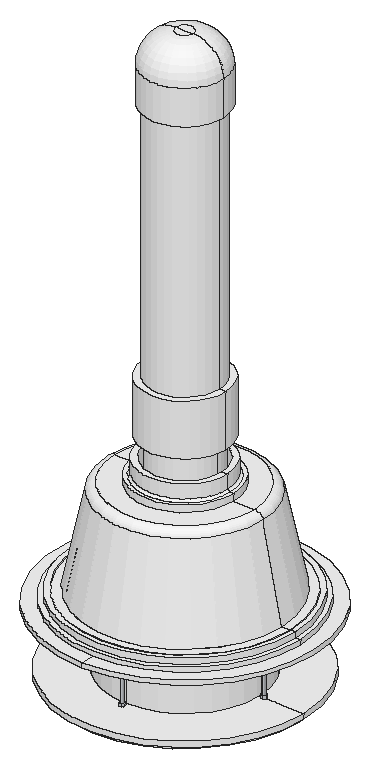
Revit family "R1200-JD-W30", category Plumbing Fixtures, host Face, Revit 2018
Family settings
  Host = Face
  Round Connector Dimension = Use Radius
  Part Type = Normal
  Cut with Voids When Loaded = No
  Shared = No
  Room Calculation Point = No
Parameters (values of type "R1202,3,4-JD-W30_4" Drain Pipe Size")
  WFU = 0
  URL = "WWW.MIFAB.COM"
  Pipe Radius = Pipe Diameter / 2  # 0' - 2"
  Pipe Diameter = 0' - 4"
  No Hub Standard Height = 0' - 6 1/2"
  Model = "R1202,3,4-JD-W30"
  Manufacturer = "MIFAB"
  Floor Drain Material = Paint - Sherwin Williams Paint - #952C2A - Bellwood Red
  Description = "LARGE GREEN ROOF DRAIN WITH STAINLESS STEEL MESH COVERED CAST IRON DOME AND TOP PVC CAP"
  Default Elevation = 0' - 0"
  CWFU = 0
  Bottom Height = 0' - 3 1/2"
  Assembly Code = ""
Types (7): name | Pipe Radius | Pipe Diameter | No Hub Standard Height | Model
  (no name) | 0' - 2" | 0' - 4" | 0' - 6 1/2" | "R1202,3,4-JD-W30"
  R1205,6-JD-W30_6" Drain Pipe Size | 0' - 3" | 0' - 6" | 0' - 6 1/2" | "R1205,6-JD-W30"
  R1208-JD-W30_8" Drain Pipe Size | 0' - 4" | 0' - 8" | 0' - 6 1/2" | "R1208-JD-W30"
  R1205,6-JD-W30_5" Drain Pipe Size | 0' - 2 1/2" | 0' - 5" | 0' - 6 3/4" | "R1205,6-JD-W30"
  R1202,3,4-JD-W30_4" Drain Pipe Size | 0' - 2" | 0' - 4" | 0' - 6 1/2" | "R1202,3,4-JD-W30"
  R1202,3,4-JD-W30_3" Drain Pipe Size | 0' - 1 1/2" | 0' - 3" | 0' - 6 1/2" | "R1202,3,4-JD-W30"
  R1202,3,4-JD-W30_2" Drain Pipe Size | 0' - 1" | 0' - 2" | 0' - 6 1/2" | "R1202,3,4-JD-W30"
Reference planes (in)
  plane 1 "Center (Front/Back)": y = 0
  plane 2: z = 0
  plane 3 "Center (Left/Right)": x = 0
  plane 4: z = -7.25
  plane 5: z = -3
  plane 6: z = -5
  plane 7: y = -2
  plane 8: y = 2
  plane 9: x = -2.5
  plane 10: x = 2.5
  plane 11: z = 6.125
  plane 12: x = 7.5
  plane 13: x = -7.5
  plane 14: y = 7.5
  plane 15: y = -7.5
  plane 16: z = -5.14286
  plane 17: z = -0.25
  plane 18: z = -6.5
  plane 19: y = 3.75
  plane 20: y = -3.75
  plane 21: y = 4.8125
  plane 22: y = -4.8125
  plane 23: x = 6.23869
  plane 24: x = -6.5
  plane 25: z = -3.5
  plane 26: z = -4.26379
  plane 27: x = 6.5
Forms (in)
  Revolve 1, solid, material "Paint - Sherwin Williams Paint - #952C2A - Bellwood Red" <- "Floor Drain Material"
    sketch origin (0, 0.04396, -2.375) x (0, 1, 0) y (0, 0, 1)
      loop
        line (-4.16896, 2.375) -> (-7.54396, 2.375) -> (-7.54396, 2.125) -> (-4.85646, 2.125) -> (-4.85646, 1.375) -> (-4.29396, 1.375) -> (-4.29396, -2.0625) -> (-2.04396, -2.0625) -> (-2.04396, -4.125) -> (-1.79396, -4.125) -> (-1.79396, -1.8125) -> (-3.66896, -1.8125) -> (-3.66896, -0.625) -> (-4.16896, -0.625) -> (-4.16896, 2.375)
      axis (-0.04396, 2.375) -> (-0.04396, -4.125)
    angle from 0 to 360
  Revolve 2, solid, material "Paint - Sherwin Williams Paint - #952C2A - Bellwood Red" <- "Floor Drain Material"
    sketch origin (0, 0, 7.5) x (1, 0, 0) y (0, 0, 1)
      loop
        line (2.51054, -1.375) -> (2.51054, -1.70312) -> (4.05571, -1.70312)
        arc (4.05571, -1.70312) -> (4.16387, -1.74143) -> (4.22383, -1.83927) r 0.17188
        line (4.22383, -1.83927) -> (5.37391, -7.25) -> (6.13967, -7.25) -> (6.13967, -6.92209) -> (5.63967, -6.92209) -> (4.54478, -1.77104)
        arc (4.54478, -1.77104) -> (4.37037, -1.48643) -> (4.05571, -1.375) r 0.5
        line (4.05571, -1.375) -> (2.51054, -1.375)
      loop
        line (2.5, -0.07905) -> (2.16384, -0.07905) -> (2.16384, -1.51036) -> (2.5, -1.51036) -> (2.5, -1.36532) -> (2.84059, -1.36532) -> (2.84059, -0.96751) -> (2.63131, -0.96751)
        arc (2.63131, -0.96751) -> (2.53846, -0.92905) -> (2.5, -0.8362) r 0.13131
        line (2.5, -0.8362) -> (2.5, -0.07905)
      axis (0, -7.25) -> (0, -0.07905)
    angle from 0 to 360
  Revolve 3, solid, material "Paint - Sherwin Williams Paint - #952C2A - Bellwood Red" <- "Floor Drain Material"
    sketch origin (0, 0, 0) x (1, 0, 0) y (0, 0, 1)
      loop
        line (6.72286, 0) -> (6.72286, 0.25) -> (6.43654, 0.25) -> (6.43654, 0.57791) -> (6.13967, 0.57791) -> (6.13967, 0.25) -> (1.27391, 0.25) -> (1.27391, 0.40312) -> (0, 0.40312) -> (0, 0) -> (6.72286, 0)
      axis (0, 0) -> (0, 0.57791)
    angle from 0 to 360
  Revolve 4, solid, material "Paint - Sherwin Williams Paint - #952C2A - Bellwood Red" <- "Floor Drain Material"
    sketch origin (0, 0, 0) x (1, 0, 0) y (0, 0, 1)
      loop
        line (6.9375, -3.5) -> (4.35041, -3.5) -> (4.35041, -4.01379) -> (5.35041, -4.01379) -> (5.35041, -4.26379) -> (5.85041, -4.26379) -> (5.85041, -4.01379) -> (6.6875, -4.01379) -> (6.6875, -3.80633) -> (6.9375, -3.80633) -> (6.9375, -3.5)
      axis (0, -4.26379) -> (0, -3.5)
    angle from 0 to 360
  Revolve 5, solid, material "Paint - Sherwin Williams Paint - #952C2A - Bellwood Red" <- "Floor Drain Material"
    sketch origin (0, 0, 0) x (1, 0, 0) y (0, 0, 1)
      loop
        line (-1.89029, 6.82491) -> (-1.57196, 6.82491) -> (-1.57196, 9.24517) -> (-1.89029, 9.24517) -> (-1.89029, 9.99517) -> (-1.73404, 9.99517) -> (-1.73404, 27.24517) -> (-1.98437, 27.24517) -> (-1.98437, 27.92095)
        arc (-1.98437, 27.92095) -> (-1.54961, 28.97057) -> (-0.5, 29.40533) r 1.48437
        line (-0.5, 29.40533) -> (0, 29.40533) -> (0, 29.67095) -> (-0.5, 29.67095)
        arc (-0.5, 29.67095) -> (-1.73744, 29.15839) -> (-2.25, 27.92095) r 1.75
        line (-2.25, 27.92095) -> (-2.25, 25.92095) -> (-2, 25.92095) -> (-2, 11.67095) -> (-2.39029, 11.67095) -> (-2.39029, 8.67095) -> (-1.89029, 8.67095) -> (-1.89029, 6.82491)
      axis (0, 6.82491) -> (0, 29.67095)
    angle from 0 to 360
Lines and regions (in)
  model lines, not visible
    curve 1: line (6.7156, 0, 9.07611) -> (12.5156, 0, 9.07611)
    curve 2: line (12.5156, 0, 9.07611) -> (12.5156, 0, 10.82611)
    curve 3: line (12.5156, 0, 10.82611) -> (6.7156, 0, 10.82611)
    curve 4: line (6.7156, 0, 10.82611) -> (6.7156, 0, 9.07611)
    curve 5: line (7.13163, 0, 10.86539) -> (7.13163, 0, 12.86539)
    curve 6: line (7.13163, 0, 12.86539) -> (15.53163, 0, 12.86539)
    curve 7: line (15.53163, 0, 12.86539) -> (15.53163, 0, 10.86539)
    curve 8: line (11.33163, 0, 12.86539) -> (11.33163, 0, 12.36539)
    curve 9: line (0, 28.52778, -10.8585) -> (0, 28.52778, -8.6085)
    curve 10: line (0, 28.52778, -8.6085) -> (0, 21.02778, -8.6085)
    curve 11: line (0, 21.02778, -8.6085) -> (0, 21.02778, -10.8585)
    curve 12: line (0, 24.77778, -8.6085) -> (0, 24.77778, -9.1085)
    curve 13: line (13.30546, 0, 10.44272) -> (13.30546, 0, 12.69272)
    curve 14: line (13.30546, 0, 12.69272) -> (26.80546, 0, 12.69272)
    curve 15: line (26.80546, 0, 12.69272) -> (26.80546, 0, 10.44272)
    curve 16: line (20.05546, 0, 12.69272) -> (20.05546, 0, 13.19272)
    curve 17: line (9.1978, 0, 16.37268) -> (9.1978, 0, 18.62268)
    curve 18: line (9.1978, 0, 18.62268) -> (22.1978, 0, 18.62268)
    curve 19: line (22.1978, 0, 18.62268) -> (22.1978, 0, 16.37268)
    curve 20: line (15.6978, 0, 18.62268) -> (15.6978, 0, 17.87268)
Dimensions and locks (in)
  locked: plane 5 to plane 4 at 4.25
  equal spacing: plane 8, plane 1 "Center (Front/Back)", plane 7
  "Pipe Diameter": plane 8 to plane 7
  "Pipe Radius": plane 1 "Center (Front/Back)" to plane 7
  plane 11 to level = 0' - 6 1/8"
  plane 13 to plane 3 "Center (Left/Right)" to plane 12 = 0' - 7 1/2" locked, 0' - 7 1/2" locked
  plane 13 to plane 12 = 1' - 3"  (x3)
  plane 15 to plane 1 "Center (Front/Back)" to plane 14 = 0' - 7 1/2" locked, 0' - 7 1/2" locked
  plane 15 to plane 14 = 1' - 3"
  locked: plane 2 to plane 17 at 0.25
  "No Hub Standard Height": plane 2 to plane 18
  equal spacing: plane 19, plane 1 "Center (Front/Back)", plane 20
  plane 19 to plane 20 = 0' - 7 1/2"
  locked: Revolve 1 sketch curve to plane 15 at 2.6875
  plane 21 to plane 22 = 0' - 9 5/8"
  locked: plane 6 to plane 18 at 1.5
  Revolve 1 sketch curve to plane 22 = 0' - 0 9/16"
  locked: plane 11 to plane 2 at 6.125
  locked: plane 25 to plane 26 at 0.76379
  "Bottom Height": plane 2 to plane 25
  equal spacing: plane 24, plane 3 "Center (Left/Right)", plane 27
  plane 24 to plane 27 = 1' - 1"
  aligned and locked: plane 2 to host face
  aligned and locked: level to host face
  aligned and locked: Revolve 1 sketch curve to plane 18
  aligned and locked: plane 17 to Revolve 1 sketch curve
  aligned and locked: plane 15 to Revolve 1 sketch curve
  aligned and locked: Revolve 2 sketch curve to plane 11
  aligned and locked: plane 25 to Revolve 4 sketch curve
  aligned and locked: plane 26 to Revolve 4 sketch curve
  aligned and locked: plane 1 "Center (Front/Back)" to nested 1
  aligned and locked: nested 1 to Revolve 1
  aligned and locked: nested 2 to Revolve 1
  aligned and locked: nested 3 to Revolve 1
  aligned and locked: nested 4 to Revolve 1
  aligned and locked: nested 2 to plane 1 "Center (Front/Back)"
  aligned and locked: plane 3 "Center (Left/Right)" to nested 4
  aligned and locked: plane 3 "Center (Left/Right)" to nested 3
Automatic sketch dimensions
  curve 5 to curve 7 = 0' - 8.4"
  curve 5 to curve 8 = 0' - 4.2"
  curve 5 to curve 5 = 0' - 2"
  curve 7 to curve 6 = 0' - 2"
  curve 8 to curve 8 = 0' - 0 1/2"
  host sketch curve to host sketch curve = 8' - 0"  (x2)
  Revolve 1 sketch curve to plane 5 = 0' - 0"
  Revolve 1 sketch curve to level = 0' - 0"
  plane 20 to Revolve 1 sketch curve = 0' - 0 1/8"
  Revolve 1 sketch curve to plane 7 = 0' - 0"
  Revolve 1 sketch curve to plane 1 "Center (Front/Back)" = 0' - 0"
  Revolve 1 sketch curve to plane 4 = 0' - 0"
  plane 6 to Revolve 1 sketch curve = 0' - 0 9/16"
  Revolve 1 sketch curve to plane 20 = 0' - 0 3/8"
  Revolve 1 sketch curve to plane 7 = 0' - 0 1/4"
  plane 6 to Revolve 1 sketch curve = 0' - 0 13/16"
  Revolve 1 sketch curve to plane 17 = 0' - 0 3/4"
  Revolve 1 sketch curve to plane 5 = 0' - 0 1/4"
  Revolve 4 sketch curve to plane 3 "Center (Left/Right)" = 0' - 0"
  Revolve 4 sketch curve to plane 10 = 0' - 1.85041"
  Revolve 4 sketch curve to plane 23 = 0' - 0.88828"
  Revolve 4 sketch curve to plane 23 = 0' - 0.38828"
  Revolve 4 sketch curve to Revolve 4 sketch curve = 0' - 0 1/4"  (x3)
  Revolve 4 sketch curve to Revolve 4 sketch curve = 0' - 0.20746"
  plane 11 to Revolve 4 sketch curve = 0' - 11.79464"
  Revolve 4 sketch curve to Revolve 4 sketch curve = 0' - 2 1/4"
  plane 23 to Revolve 4 sketch curve = 0' - 0.44881"
  Revolve 3 sketch curve to plane 3 "Center (Left/Right)" = 0' - 0"  (x2)
  Revolve 3 sketch curve to level = 0' - 0"
  Revolve 3 sketch curve to plane 23 = 0' - 0.09902"
  Revolve 3 sketch curve to plane 27 = 0' - 0.06346"
  plane 27 to Revolve 3 sketch curve = 0' - 0.22286"
  Revolve 3 sketch curve to Revolve 3 sketch curve = 0' - 0 1/4"
  level to Revolve 3 sketch curve = 0' - 0 1/4"
  Revolve 3 sketch curve to Revolve 3 sketch curve = 0' - 0.32791"
  Revolve 3 sketch curve to Revolve 3 sketch curve = 0' - 0.15312"
  plane 11 to Revolve 3 sketch curve = 0' - 2.65404"
  Revolve 3 sketch curve to Revolve 3 sketch curve = 0' - 1 3/4"
  plane 10 to Revolve 3 sketch curve = 0' - 1.22609"
  Revolve 2 sketch curve to Revolve 2 sketch curve = 0' - 0"  (x2)
  Revolve 2 sketch curve to plane 3 "Center (Left/Right)" = 0' - 0"
  Revolve 2 sketch curve to plane 10 = 0' - 0"
  plane 10 to Revolve 2 sketch curve = 0' - 0"
  Revolve 2 sketch curve to plane 11 = 0' - 0.13536"
  plane 10 to Revolve 2 sketch curve = 0' - 0.33616"
  Revolve 2 sketch curve to plane 10 = 0' - 0.01054"
  Revolve 2 sketch curve to plane 10 = 0' - 0.13131"
  plane 11 to Revolve 2 sketch curve = 0' - 0.00968"
  Revolve 2 sketch curve to Revolve 2 sketch curve = 0' - 0.33005"
  Revolve 2 sketch curve to plane 11 = 0' - 0 21/64"
  Revolve 2 sketch curve to Revolve 2 sketch curve = 0' - 1.21511"
  Revolve 2 sketch curve to plane 11 = 0' - 0.46427"
  Revolve 2 sketch curve to Revolve 2 sketch curve = 0' - 0.16812"
  Revolve 2 sketch curve to plane 11 = 0' - 0.39604"
  level to Revolve 2 sketch curve = 0' - 0 1/4"
  Revolve 2 sketch curve to plane 23 = 0' - 0.86477"
  Revolve 2 sketch curve to Revolve 2 sketch curve = 0' - 0.26576"
  Revolve 2 sketch curve to plane 23 = 0' - 0.09902"
  Revolve 2 sketch curve to Revolve 2 sketch curve = 0' - 0.32791"
  Revolve 2 sketch curve to Revolve 2 sketch curve = 0' - 0.39781"
  Revolve 2 sketch curve to Revolve 2 sketch curve = 0' - 0.75716"
  level to Revolve 2 sketch curve = 0' - 2 1/8"
  Revolve 2 sketch curve to Revolve 2 sketch curve = 0' - 0 1/2"
  Revolve 5 sketch curve to Revolve 5 sketch curve = 0' - 0"  (x2)
  Revolve 5 sketch curve to plane 3 "Center (Left/Right)" = 0' - 0"  (x2)
  Revolve 5 sketch curve to plane 3 "Center (Left/Right)" = 0' - 0 1/2"
  Revolve 5 sketch curve to plane 9 = 0' - 0.92804"
  Revolve 5 sketch curve to plane 9 = 0' - 0.76596"
  Revolve 5 sketch curve to Revolve 5 sketch curve = 0' - 0.31833"
  Revolve 5 sketch curve to Revolve 5 sketch curve = 0' - 0 5/32"
  Revolve 5 sketch curve to Revolve 5 sketch curve = 0' - 0.25033"
  Revolve 5 sketch curve to plane 9 = 0' - 0 1/2"
  Revolve 5 sketch curve to plane 9 = 0' - 0 1/4"
  Revolve 5 sketch curve to plane 9 = 0' - 0.10971"
  plane 11 to Revolve 5 sketch curve = 0' - 0.69991"
  Revolve 5 sketch curve to Revolve 5 sketch curve = 0' - 1.84605"
  Revolve 5 sketch curve to Revolve 5 sketch curve = 0' - 0 147/256"
  Revolve 5 sketch curve to Revolve 5 sketch curve = 0' - 0 3/4"
  Revolve 5 sketch curve to Revolve 5 sketch curve = 0' - 1 173/256"
  Revolve 5 sketch curve to Revolve 5 sketch curve = 1' - 2 1/4"
  Revolve 5 sketch curve to Revolve 5 sketch curve = 0' - 1 83/256"
  Revolve 5 sketch curve to Revolve 5 sketch curve = 0' - 0 173/256"
  Revolve 5 sketch curve to Revolve 5 sketch curve = 0' - 4 1/4"
  Revolve 5 sketch curve to Revolve 5 sketch curve = 0' - 1"
Nested families (in)
  nested 1: "Bolt1" at (-4.55567, 0, -4.01379), type "Bolt1"
    with Height 0' - 3.01379"
  nested 2: "Bolt1" at (4.58798, 0, -4.01379) x (0, 1, 0) z (0, 0, 1), type "Bolt1"
    with Height 0' - 3.01379"
  nested 3: "Bolt1" at (0, 4.57488, -4.01379) x (0, 1, 0) z (0, 0, 1), type "Bolt1"
    with Height 0' - 3.01379"
  nested 4: "Bolt1" at (0, -4.57063, -4.01379) x (0, 1, 0) z (0, 0, 1), type "Bolt1"
    with Height 0' - 3.01379"
Connectors (in)
  piping at (0, 0, -6.5), diameter 4, driven by "Pipe Radius", driven by "WFU"
    settings: on Revolve 1, index 2, connector inside diameter 2", connector length 0' - 0", flow factor 0, pipe flow 0 GPM, pressure drop 0.00 psi, fitting loss kfactor 0, connector angle 0.00°, fixture units 0, engagement length 0' - 0", angle of deflection 0.00°, flow configuration 3, flow direction 2, fitting loss method 0, system type 16, joint type 0, gender type 0, connector reference index -1, connector utility 0, adjustable connector no, is connector primary yes, connector description "Sanitary Out"
Definition of nested family "Bolt1"
  Parameters (values of type "Bolt1")
    Material = none
    Height [instance] = 1' - 1.38583"
    Default Elevation = 4' - 0"
  Reference planes (in)
    plane 1 "Center (Front/Back)": y = 0
    plane 2: z = 0
    plane 3 "Center (Left/Right)": x = 0
    plane 4: z = 13.38583
    plane 5: z = 0.51562
    plane 6: z = 0.67452
  Forms (in)
    Extrusion 1, solid
      sketch origin (0, 0, 0) x (1, 0, 0) y (0, 1, 0)
        loop
          line (-48, 48) -> (-48, -48) -> (48, -48) -> (48, 48) -> (-48, 48)
      from 0 to -12
    Revolve 2, solid, material <- "Material"
      sketch origin (0, 0, 0) x (1, 0, 0) y (0, 0, 1)
        loop
          line (0, 13.38583) -> (0, -0.33562) -> (0.11073, -0.33562) -> (0.11073, -0.09843) -> (0.20961, -0.09843) -> (0.20961, 0) -> (0.07382, 0) -> (0.07382, 12.93209) -> (0.11234, 12.93209)
          arc (0.11234, 12.93209) -> (0.14919, 12.94735) -> (0.16446, 12.9842) r 0.05211
          line (0.16446, 12.9842) -> (0.16446, 13.38583) -> (0, 13.38583)
        axis (0, -0.33562) -> (0, 13.38583)
      angle from 0 to 360
    Extrusion 3, solid, material <- "Material"
      sketch origin (0, 0, 0) x (1, 0, 0) y (0, 1, 0)
        loop
          line (0, 0.16446) -> (-0.14242, 0.08223) -> (-0.14242, -0.08223) -> (0, -0.16446) -> (0.14242, -0.08223) -> (0.14242, 0.08223) -> (0, 0.16446)
      from 0.51562 to 0.67452
  Dimensions and locks (in)
    "Height": plane 4 to plane 2
    aligned and locked: plane 2 to Extrusion 1
    aligned and locked: level to Extrusion 1
    aligned and locked: Revolve 2 sketch curve to plane 3 "Center (Left/Right)"
    aligned and locked: Extrusion 1 to Revolve 2 sketch curve
    aligned and locked: Extrusion 3 to plane 5
    aligned and locked: plane 6 to Extrusion 3
  Automatic sketch dimensions
    Extrusion 1 sketch curve to Extrusion 1 sketch curve = 8' - 0"  (x2)
    Revolve 2 sketch curve to plane 3 "Center (Left/Right)" = 0' - 0"
    Revolve 2 sketch curve to plane 4 = 0' - 0"
    plane 3 "Center (Left/Right)" to Revolve 2 sketch curve = 0' - 0.07382"
    Revolve 2 sketch curve to Revolve 2 sketch curve = 0' - 0.11073"
    Revolve 2 sketch curve to Revolve 2 sketch curve = 0' - 0.03852"
    plane 3 "Center (Left/Right)" to Revolve 2 sketch curve = 0' - 0.16446"
    Revolve 2 sketch curve to Revolve 2 sketch curve = 0' - 0.13579"
    Revolve 2 sketch curve to level = 0' - 0.09843"
    Revolve 2 sketch curve to Revolve 2 sketch curve = 0' - 0.23719"
    Revolve 2 sketch curve to plane 4 = 0' - 0.45374"
    Revolve 2 sketch curve to Revolve 2 sketch curve = 0' - 5.38878"
    Revolve 2 sketch curve to Revolve 2 sketch curve = 0' - 5.51181"
